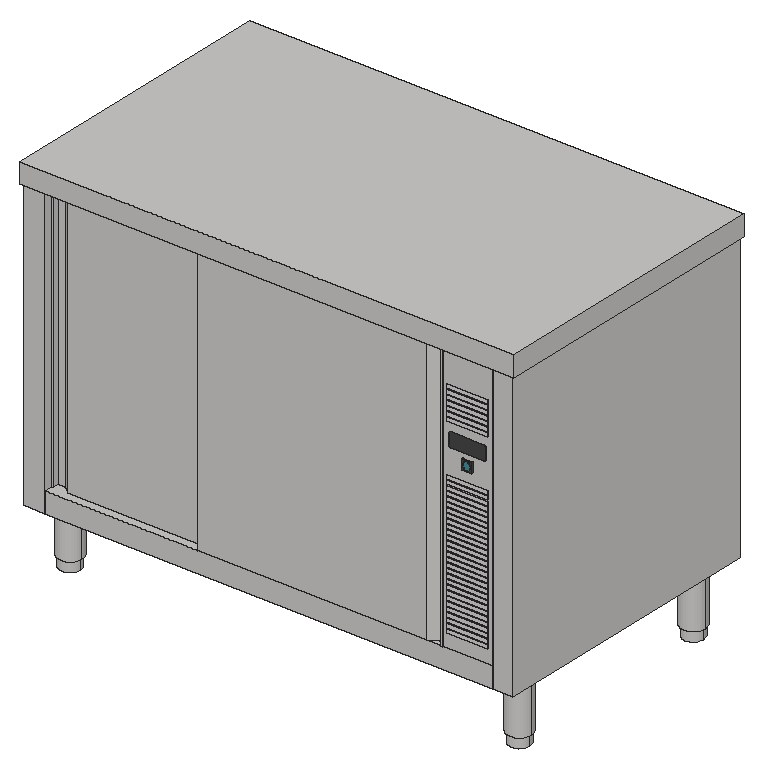
Revit family "QF_ZANUSSI_132796_MTCD1200PN", category Attrezzature speciali, Revit 2020
Family settings
  Quota connettore circolare = Usa diametro
  Tipo di parte = Normale
  Basato su piano di lavoro = No
  Sempre verticale = Sì
  Taglio con vuoti quando caricato = No
  Condiviso = No
  Punto di calcolo locali = No
Parameters (values of type "Standard")
  Weight = 55.00 kg
  Watts = 2400 W
  Volts = 220 V
  URL Manufacturer = "http://www.zanussiprofessional.com"
  URL = "http://www.zanussiprofessional.com"
  Steam Supply Size = 0 mm
  Steam Supply Minimum Pressure = 0.0 Pa
  Steam Supply Maximum Pressure = 0.0 Pa
  Steam Consumption per Hour = 0
  Refrigeration Suction Line Size = 0.0 mm
  Refrigeration Liquid Line Size = 0.0 mm
  Refrigerant Compressor Remote = yes
  Prospetto di default = 0.0 mm
  Produttore = "Zanussi"
  Phase = 1
  Modello = "MTCD1200PN"
  Length Actual = 1200.0 mm  # constant formula
  Item Number = "132796"
  Hot Water Size = 0 mm
  Height Actual = 900.0 mm  # constant formula
  HP = "3.2 HP"
  Gas Size = 0 mm
  Gas KW = 0
  Gas Input Pressure = 0 W
  Direct Waste Size = 0 mm
  Descrizione = "HOT PASST.CUPB.VENT+SHELF+SLIDING D.1200"
  Depth Actual = 700.0 mm  # constant formula
  Cycle = 50 Hz
  Condensate Return Size = 0 mm
  Compressed Air Volume = 0.0 L/s
  Compressed Air Size = 0 mm
  Compressed Air Pressure = 0.0 Pa
  Cold Water Size = 0 mm
  Accessory = yes
Reference planes
  plane 1 "Center (Front/Back)": y = 0
  plane 2: z = 0
  plane 3 "Center (Left/Right)": x = -100
  plane 4 "LEFT": x = -700
  plane 5 "RIGHT": x = 500
  plane 6 "BACK": y = 350
  plane 7 "FRONT": y = -350
  plane 8 "Base": z = 850
  plane 9 "TOP": z = 900
  plane 10: x = -646.5
  plane 11: x = 446.5
  plane 12: y = 264.5
  plane 13: y = -264.5
  plane 14 "BodyLeft": x = -694.5
  plane 15 "BodyFront": y = -344.5
  plane 16 "BodyRight": x = 494.5
  plane 17 "BodyBack": y = 344.5
  plane 18 "FEET": z = 150
  plane 19: x = 324.5
  plane 20: x = -161
  plane 21: x = 444.5
  plane 22: x = 400
  plane 23: y = -170
Forms (mm)
  Extrusion 1, solid, material "QF_Finishes_Stainless Steel"
    sketch origin (-100, 0, 0) x (0, 1, 0) y (0, 0, 1)
      loop
        line (-350, 850) -> (350, 850) -> (350, 900) -> (-350, 900) -> (-350, 850)
    from 600 to -600
  Extrusion 2, solid, material "QF_Finishes_Stainless Steel"
    sketch origin (0, 0, 150) x (-1, 0, 0) y (0, -1, 0)
      loop
        line (694.5, -344.5) -> (694.5, 344.5) -> (644.5, 344.5) -> (644.5, -344.5) -> (694.5, -344.5)
      loop
        line (-444.5, -344.5) -> (-444.5, 344.5) -> (-494.5, 344.5) -> (-494.5, -344.5) -> (-444.5, -344.5)
    from 0 to 700
  Extrusion 3, solid, material "QF_Finishes_Stainless Steel"
    sketch origin (0, 0, 150) x (-1, 0, 0) y (0, -1, 0)
      loop
        line (644.5, -344.5) -> (644.5, 344.5) -> (-444.5, 344.5) -> (-444.5, -344.5) -> (644.5, -344.5)
    from 0 to 50
  Extrusion 4, solid, material "QF_Finishes_Stainless Steel"
    sketch origin (-1, 0, 150) x (-1, 0, 0) y (0, -1, 0)
      loop
        line (-325.5, 344.5) -> (-325.5, 324.5) -> (270.5, 324.5) -> (270.5, 344.5) -> (-285.5, 344.5) -> (-305.5, 329.5) -> (-320.5, 329.5) -> (-320.5, 344.5) -> (-325.5, 344.5)
    from 50 to 700
  Extrusion 5, solid, material "QF_Finishes_Stainless Steel"
    sketch origin (1, 20, 150) x (1, 0, 0) y (0, 1, 0)
      loop
        line (-645.5, -344.5) -> (-640.5, -344.5) -> (-640.5, -329.5) -> (-625.5, -329.5) -> (-605.5, -344.5) -> (-51.5, -344.5) -> (-51.5, -324.5) -> (-645.5, -324.5) -> (-645.5, -344.5)
    from 50 to 700
  Extrusion 6, solid, material "QF_Finishes_Stainless Steel"
    sketch origin (0, 0, 0) x (1, 0, 0) y (0, 1, 0)
      loop
        line (-644.5, -304.5) -> (324.5, -304.5) -> (324.5, 304.5) -> (-644.5, 304.5) -> (-644.5, -304.5)
    from 500 to 540
  Extrusion 7, solid, material "QF_Finishes_Stainless Steel"
    sketch origin (-1, 0, 150) x (-1, 0, 0) y (0, -1, 0)
      loop
        line (-325.5, -344.5) -> (-320.5, -344.5) -> (-320.5, -329.5) -> (-305.5, -329.5) -> (-285.5, -344.5) -> (270.5, -344.5) -> (270.5, -324.5) -> (-325.5, -324.5) -> (-325.5, -344.5)
    from 50 to 700
  Extrusion 8, solid, material "QF_Finishes_Stainless Steel"
    sketch origin (1, -20, 150) x (1, 0, 0) y (0, 1, 0)
      loop
        line (-645.5, 344.5) -> (-645.5, 324.5) -> (-51.5, 324.5) -> (-51.5, 344.5) -> (-605.5, 344.5) -> (-625.5, 329.5) -> (-640.5, 329.5) -> (-640.5, 344.5) -> (-645.5, 344.5)
    from 50 to 700
  Extrusion 9, solid, material "QF_Finishes_Stainless Steel"
    sketch origin (0, 0, 0) x (1, 0, 0) y (0, 1, 0)
      loop
        line (444.5, 344.5) -> (324.5, 344.5) -> (324.5, 324.5) -> (444.5, 324.5) -> (444.5, 344.5)
    from 200 to 850
  Extrusion 10, solid, material "QF_Finishes_Stainless Steel"
    sketch origin (0, 0, 150) x (-1, 0, 0) y (0, -1, 0)
      loop
        circle (-400, 170) r 10
    from 0 to -5
Cuts and joins
  joined: Extrusion 3, Extrusion 9
Lines and regions (mm)
  symbolic lines
    curve 1: line (500, 350, 900) -> (-700, 350, 900)
    curve 2: line (-700, 350, 900) -> (-700, -350, 900)
    curve 3: line (-700, -350, 900) -> (500, -350, 900)
    curve 4: line (500, -350, 900) -> (500, 350, 900)
    curve 5: line (-700, 337, 900) -> (500, 337, 900)
  symbolic lines, style "SpecialityEquipmentHiddenLines"
    curve 6: line (-694.5, 344.5, 150) -> (494.5, 344.5, 150)
    curve 7: line (-694.5, -344.5, 150) -> (-694.5, 344.5, 150)
    curve 8: line (494.5, -344.5, 150) -> (-694.5, -344.5, 150)
    curve 9: line (494.5, 344.5, 150) -> (494.5, -344.5, 150)
    curve 10: line (-645.5, -304.5, 150) -> (-49.5, -304.5, 150)
    curve 11: line (-49.5, -304.5, 150) -> (-49.5, -324.5, 150)
    curve 12: line (-645.5, -324.5, 150) -> (444.5, -324.5, 150)
    curve 13: line (444.5, -324.5, 150) -> (444.5, -344.5, 150)
    curve 14: line (-645.5, -304.5, 150) -> (-645.5, -324.5, 150)
    curve 15: line (-271.5, -344.5, 0) -> (-271.5, -324.5, 0)
    curve 16: line (-645.5, 304.5, 150) -> (-49.5, 304.5, 150)
    curve 17: line (-645.5, 324.5, 150) -> (444.5, 324.5, 150)
    curve 18: line (-271.5, 344.5, 0) -> (-271.5, 324.5, 0)
    curve 19: line (-50.5, 304.5, 0) -> (-50.5, 324.5, 0)
Dimensions and locks
  plane 4 "LEFT" to plane 5 "RIGHT" = 1200.0 mm
  equal spacing: plane 4 "LEFT", plane 3 "Center (Left/Right)", plane 5 "RIGHT"
  locked: plane 8 "Base" to level at 850
  locked: plane 9 "TOP" to level at 900
  plane 6 "BACK" to plane 7 "FRONT" = 700.0 mm
  equal spacing: plane 6 "BACK", plane 1 "Center (Front/Back)", plane 7 "FRONT"
  locked: plane 4 "LEFT" to plane 14 "BodyLeft" at 5.5
  locked: plane 16 "BodyRight" to plane 5 "RIGHT" at 5.5
  locked: plane 15 "BodyFront" to plane 7 "FRONT" at 5.5
  locked: plane 6 "BACK" to plane 17 "BodyBack" at 5.5
  locked: plane 14 "BodyLeft" to plane 10 at 48
  locked: plane 11 to plane 16 "BodyRight" at 48
  locked: plane 13 to plane 15 "BodyFront" at 80
  locked: plane 17 "BodyBack" to plane 12 at 80
  plane 10 to plane 11 = 1093.0 mm
  plane 12 to plane 13 = 529.0 mm
  locked: plane 14 "BodyLeft" to Extrusion 2 sketch curve at 50
  locked: Extrusion 2 sketch curve to Extrusion 2 sketch curve at 50
  equal spacing: plane 10, plane 20, plane 19
  locked: plane 21 to plane 16 "BodyRight" at 50
  locked: plane 19 to plane 21 at 120
  locked: Extrusion 4 sketch curve to plane 20 at 110.5
  locked: plane 20 to Extrusion 5 sketch curve at 110.5
  locked: plane 18 "FEET" to level at 150
  locked: plane 22 to plane 5 "RIGHT" at 100
  locked: plane 23 to plane 7 "FRONT" at 180
  aligned and locked: level to plane 2
  aligned and locked: plane 10 to nested 1
  aligned and locked: nested 1 to plane 13
  aligned and locked: plane 11 to nested 2
  aligned and locked: nested 2 to plane 13
  aligned and locked: plane 11 to nested 4
  aligned and locked: nested 4 to plane 12
  aligned and locked: plane 10 to nested 3
  aligned and locked: nested 3 to plane 12
  aligned and locked: Extrusion 1 to plane 4 "LEFT"
  aligned and locked: plane 5 "RIGHT" to Extrusion 1
  aligned and locked: curve 2 to plane 4 "LEFT"
  aligned and locked: plane 17 "BodyBack" to Extrusion 2 sketch curve
  aligned and locked: Extrusion 2 sketch curve to plane 15 "BodyFront"
  aligned and locked: Extrusion 2 sketch curve to plane 14 "BodyLeft"
  aligned and locked: plane 16 "BodyRight" to Extrusion 2 sketch curve
  aligned and locked: Extrusion 2 sketch curve to plane 17 "BodyBack"
  aligned and locked: plane 15 "BodyFront" to Extrusion 2 sketch curve
  aligned and locked: Extrusion 3 sketch curve to plane 17 "BodyBack"
  aligned and locked: plane 15 "BodyFront" to Extrusion 3 sketch curve
  aligned and locked: plane 8 "Base" to Extrusion 2
  aligned and locked: plane 8 "Base" to Extrusion 4
  aligned and locked: Extrusion 4 to Extrusion 3
  aligned and locked: Extrusion 1 to plane 8 "Base"
  aligned and locked: plane 9 "TOP" to Extrusion 1
  aligned and locked: curve 6 to plane 17 "BodyBack"
  aligned and locked: plane 14 "BodyLeft" to curve 7
  aligned and locked: plane 15 "BodyFront" to curve 8
  aligned and locked: plane 16 "BodyRight" to curve 9
  aligned and locked: Extrusion 3 to Extrusion 2  (x2)
  aligned and locked: Extrusion 6 sketch curve to Extrusion 2
  aligned and locked: Extrusion 6 sketch curve to Extrusion 5
  aligned and locked: curve 19 to Extrusion 8
  aligned and locked: curve 18 to Extrusion 7
  aligned and locked: nested 5 to plane 21
  aligned and locked: Extrusion 6 sketch curve to plane 19
Automatic sketch dimensions
  Extrusion 7 sketch curve to plane 19 = 0.0 mm
  Extrusion 7 sketch curve to plane 17 "BodyBack" = 0.0 mm  (x2)
  Extrusion 7 sketch curve to Extrusion 7 sketch curve = 5.0 mm
  Extrusion 7 sketch curve to Extrusion 7 sketch curve = 15.0 mm
  Extrusion 7 sketch curve to Extrusion 7 sketch curve = 20.0 mm
  plane 17 "BodyBack" to Extrusion 7 sketch curve = 20.0 mm
  plane 20 to Extrusion 7 sketch curve = 110.5 mm
  plane 17 "BodyBack" to Extrusion 7 sketch curve = 15.0 mm
  curve 15 to plane 15 "BodyFront" = 0.0 mm
  plane 15 "BodyFront" to curve 15 = 20.0 mm
  curve 15 to plane 20 = 110.5 mm
  curve 3 to plane 7 "FRONT" = 0.0 mm
  curve 5 to plane 5 "RIGHT" = 0.0 mm
  curve 4 to plane 6 "BACK" = 0.0 mm
  curve 5 to plane 17 "BodyBack" = 7.5 mm
  Extrusion 1 sketch curve to plane 7 "FRONT" = 0.0 mm
  Extrusion 1 sketch curve to plane 6 "BACK" = 0.0 mm
  Extrusion 1 sketch curve to plane 8 "Base" = 0.0 mm
  Extrusion 1 sketch curve to plane 9 "TOP" = 0.0 mm
  Extrusion 3 sketch curve to plane 21 = 0.0 mm
  plane 10 to Extrusion 3 sketch curve = 2.0 mm
  Extrusion 4 sketch curve to plane 19 = 0.0 mm
  Extrusion 4 sketch curve to plane 15 "BodyFront" = 0.0 mm  (x2)
  Extrusion 4 sketch curve to Extrusion 4 sketch curve = 5.0 mm
  Extrusion 4 sketch curve to Extrusion 4 sketch curve = 15.0 mm  (x2)
  Extrusion 4 sketch curve to Extrusion 4 sketch curve = 20.0 mm  (x2)
  Extrusion 5 sketch curve to plane 15 "BodyFront" = 20.0 mm  (x2)
  Extrusion 5 sketch curve to plane 10 = 42.0 mm
  Extrusion 5 sketch curve to plane 10 = 22.0 mm
  Extrusion 5 sketch curve to plane 10 = 7.0 mm
  Extrusion 5 sketch curve to plane 10 = 2.0 mm
  Extrusion 5 sketch curve to Extrusion 5 sketch curve = 15.0 mm
  Extrusion 5 sketch curve to Extrusion 5 sketch curve = 20.0 mm
  curve 13 to plane 21 = 0.0 mm
  curve 17 to plane 21 = 0.0 mm
  curve 8 to plane 15 "BodyFront" = 0.0 mm
  plane 3 "Center (Left/Right)" to curve 10 = 50.5 mm
  plane 10 to curve 12 = 1.0 mm
  plane 15 "BodyFront" to curve 10 = 40.0 mm
  curve 12 to curve 13 = 20.0 mm
  plane 3 "Center (Left/Right)" to curve 16 = 50.5 mm
  plane 10 to curve 17 = 1.0 mm
  plane 10 to curve 16 = 1.0 mm
  curve 17 to plane 17 "BodyBack" = 20.0 mm
  plane 12 to curve 16 = 40.0 mm
  plane 12 to Extrusion 6 sketch curve = 40.0 mm
  plane 10 to Extrusion 8 sketch curve = 2.0 mm
  Extrusion 8 sketch curve to Extrusion 8 sketch curve = 5.0 mm
  Extrusion 8 sketch curve to Extrusion 8 sketch curve = 15.0 mm  (x2)
  Extrusion 8 sketch curve to plane 17 "BodyBack" = 20.0 mm  (x2)
  Extrusion 8 sketch curve to Extrusion 8 sketch curve = 20.0 mm  (x2)
  plane 3 "Center (Left/Right)" to Extrusion 8 sketch curve = 49.5 mm
  curve 18 to plane 17 "BodyBack" = 0.0 mm
  curve 18 to plane 17 "BodyBack" = 20.0 mm
  plane 12 to curve 19 = 40.0 mm
  curve 19 to curve 19 = 20.0 mm
  Extrusion 9 sketch curve to plane 17 "BodyBack" = 0.0 mm
  Extrusion 9 sketch curve to plane 19 = 0.0 mm
  Extrusion 9 sketch curve to plane 21 = 0.0 mm
  Extrusion 9 sketch curve to plane 17 "BodyBack" = 20.0 mm
  Extrusion 10 sketch curve to plane 22 = 0.0 mm
  Extrusion 10 sketch curve to plane 23 = 0.0 mm
  radius of Extrusion 10 sketch curve = 10.0 mm
Nested families
  nested 1: "FEET_D58-150" at (-646.5, -264.5, 0), type "FEET_D58-150"
  nested 2: "FEET_D58-150" at (446.5, -264.5, 0), type "FEET_D58-150"
  nested 3: "FEET_D58-150" at (-646.5, 264.5, 0), type "FEET_D58-150"
  nested 4: "FEET_D58-150" at (446.5, 264.5, 0), type "FEET_D58-150"
  nested 5: "WT_PNL120x650" at (531.42, -304.5, 600) x (1, 0, 0) z (0, -1, 0), type "WT_PNL120x650"
    with Show Logo yes
Connectors
  electrical at (400, -170, 145)
    settings: on Extrusion 10, index 1, voltage 0 V, apparent load 0 VA, apparent load phase1 0 VA, apparent load phase2 0 VA, apparent load phase3 0 VA, power factor 1, load classification "Other", number of poles 1, system type 30, power factor state 1, is connector primary yes, connector utility no, sub classification motor no, connector description "Electrical connection"
Definition of nested family "FEET_D58-150"
  Parameters
    Default Elevation = 0.0 mm
    FEET = 150.0 mm
  Reference planes
    plane 1 "Center (Front/Back)": y = 0
    plane 2: z = 0
    plane 3 "Center (Left/Right)": x = 0
    plane 4: z = 150
  Forms (mm)
    Extrusion 1, solid
      sketch origin (0, 0, 0) x (1, 0, 0) y (0, 1, 0)
        loop
          circle (0, 0) r 25
      from 0 to 25
    Extrusion 2, solid
      sketch origin (0, 0, 0) x (1, 0, 0) y (0, 1, 0)
        loop
          circle (0.061, 0) r 29
      from 25 to 150 <- "FEET"
  Lines and regions (mm)
    symbolic lines
      curve 1: line (0, -1.503, 0) -> (0, 1.508, 0)
      curve 2: line (1.561, 0, 0) -> (-1.439, 0, 0)
  Dimensions and locks
    "FEET": plane 4 to plane 2
    aligned and locked: level to plane 2
  Automatic sketch dimensions
    plane 1 "Center (Front/Back)" to Extrusion 1 sketch curve = 0.0 mm
    Extrusion 1 sketch curve to plane 3 "Center (Left/Right)" = 0.0 mm
    plane 1 "Center (Front/Back)" to curve 2 = 0.0 mm
    curve 1 to plane 3 "Center (Left/Right)" = 0.0 mm
    curve 2 to plane 3 "Center (Left/Right)" = 1.439 mm
    plane 3 "Center (Left/Right)" to curve 2 = 1.561 mm
    plane 1 "Center (Front/Back)" to curve 1 = 1.503 mm
    curve 1 to plane 1 "Center (Front/Back)" = 1.508 mm
    plane 1 "Center (Front/Back)" to Extrusion 2 sketch curve = 0.0 mm
    plane 3 "Center (Left/Right)" to Extrusion 2 sketch curve = 0.061 mm
    radius of Extrusion 1 sketch curve = 25.0 mm
    radius of Extrusion 2 sketch curve = 29.0 mm
Definition of nested family "WT_PNL120x650"
  Parameters
    Show Logo [instance] = yes
    Default Elevation = 1219.2 mm
  Reference planes
    plane 1 "Center (Front/Back)": y = -75
    plane 2: z = 0
    plane 3 "Center (Left/Right)": x = -146.92
    plane 4: x = -206.92
    plane 5: x = -86.92
    plane 6: y = 250
    plane 7: y = -400
    plane 8 "TOP": z = 40
  Forms (mm)
    Extrusion 1, solid
      sketch origin (0, 0, 0) x (1, 0, 0) y (0, 1, 0)
        loop
          line (-1219.2, 1219.2) -> (-1219.2, -1219.2) -> (1219.2, -1219.2) -> (1219.2, 1219.2) -> (-1219.2, 1219.2)
      from 0 to -304.8
    Extrusion 2, solid
      sketch origin (0, 0, 0) x (1, 0, 0) y (0, 1, 0)
        loop
          line (-206.92, 250) -> (-206.92, -400) -> (-86.92, -400) -> (-86.92, 250) -> (-206.92, 250)
      from 0 to 40
    Extrusion 3, void
      sketch origin (0, 0, 40) x (-1, 0, 0) y (0, -1, 0)
        loop
          arc (101.92, -68.899) -> (103.795, -73.256) -> (108.247, -74.89) r 6
          line (108.247, -74.89) -> (185.92, -74.89)
          arc (185.92, -74.89) -> (190.163, -73.133) -> (191.92, -68.89) r 6
          line (191.92, -68.89) -> (191.92, -45.89)
          arc (191.92, -45.89) -> (190.163, -41.648) -> (185.92, -39.89) r 6
          line (185.92, -39.89) -> (107.92, -39.89)
          arc (107.92, -39.89) -> (103.677, -41.648) -> (101.92, -45.89) r 6
          line (101.92, -45.89) -> (101.92, -68.899)
        loop
          line (158.92, -27.89) -> (158.92, -2.89) -> (134.92, -2.89) -> (134.92, -27.89) -> (158.92, -27.89)
      from -2 to 0
    Extrusion 4, solid
      sketch origin (0, 0, 40) x (-1, 0, 0) y (0, -1, 0)
        loop
          line (185.92, -39.89) -> (107.92, -39.89)
          arc (107.92, -39.89) -> (103.677, -41.648) -> (101.92, -45.89) r 6
          line (101.92, -45.89) -> (101.92, -68.899)
          arc (101.92, -68.899) -> (103.795, -73.256) -> (108.247, -74.89) r 6
          line (108.247, -74.89) -> (185.92, -74.89)
          arc (185.92, -74.89) -> (190.163, -73.133) -> (191.92, -68.89) r 6
          line (191.92, -68.89) -> (191.92, -45.89)
          arc (191.92, -45.89) -> (190.163, -41.648) -> (185.92, -39.89) r 6
      from -2 to 1
    Extrusion 5, solid
      sketch origin (-146.92, 0, 0) x (0, 1, 0) y (0, 0, 1)
        loop
          line (95.896, 40) -> (104.899, 40) -> (95.896, 41.206) -> (95.896, 40)
        loop
          line (107.896, 40) -> (116.899, 40) -> (107.896, 41.206) -> (107.896, 40)
        loop
          line (119.896, 40) -> (128.899, 40) -> (119.896, 41.206) -> (119.896, 40)
        loop
          line (131.896, 40) -> (140.899, 40) -> (131.896, 41.206) -> (131.896, 40)
        loop
          line (143.896, 40) -> (152.899, 40) -> (143.896, 41.206) -> (143.896, 40)
        loop
          line (155.896, 40) -> (164.899, 40) -> (155.896, 41.206) -> (155.896, 40)
        loop
          line (167.896, 40) -> (176.899, 40) -> (167.896, 41.206) -> (167.896, 40)
        loop
          line (-102.104, 40) -> (-93.101, 40) -> (-102.104, 41.206) -> (-102.104, 40)
        loop
          line (-90.104, 40) -> (-81.101, 40) -> (-90.104, 41.206) -> (-90.104, 40)
        loop
          line (-78.104, 40) -> (-69.101, 40) -> (-78.104, 41.206) -> (-78.104, 40)
        loop
          line (-66.104, 40) -> (-57.101, 40) -> (-66.104, 41.206) -> (-66.104, 40)
        loop
          line (-54.104, 40) -> (-45.101, 40) -> (-54.104, 41.206) -> (-54.104, 40)
        loop
          line (-42.104, 40) -> (-33.101, 40) -> (-42.104, 41.206) -> (-42.104, 40)
        loop
          line (-30.104, 40) -> (-21.101, 40) -> (-30.104, 41.206) -> (-30.104, 40)
        loop
          line (-174.104, 40) -> (-165.101, 40) -> (-174.104, 41.206) -> (-174.104, 40)
        loop
          line (-162.104, 40) -> (-153.101, 40) -> (-162.104, 41.206) -> (-162.104, 40)
        loop
          line (-150.104, 40) -> (-141.101, 40) -> (-150.104, 41.206) -> (-150.104, 40)
        loop
          line (-138.104, 40) -> (-129.101, 40) -> (-138.104, 41.206) -> (-138.104, 40)
        loop
          line (-126.104, 40) -> (-117.101, 40) -> (-126.104, 41.206) -> (-126.104, 40)
        loop
          line (-114.104, 40) -> (-105.101, 40) -> (-114.104, 41.206) -> (-114.104, 40)
        loop
          line (-246.104, 40) -> (-237.101, 40) -> (-246.104, 41.206) -> (-246.104, 40)
        loop
          line (-234.104, 40) -> (-225.101, 40) -> (-234.104, 41.206) -> (-234.104, 40)
        loop
          line (-222.104, 40) -> (-213.101, 40) -> (-222.104, 41.206) -> (-222.104, 40)
        loop
          line (-210.104, 40) -> (-201.101, 40) -> (-210.104, 41.206) -> (-210.104, 40)
        loop
          line (-198.104, 40) -> (-189.101, 40) -> (-198.104, 41.206) -> (-198.104, 40)
        loop
          line (-186.104, 40) -> (-177.101, 40) -> (-186.104, 41.206) -> (-186.104, 40)
        loop
          line (-318.104, 40) -> (-309.101, 40) -> (-318.104, 41.206) -> (-318.104, 40)
        loop
          line (-306.104, 40) -> (-297.101, 40) -> (-306.104, 41.206) -> (-306.104, 40)
        loop
          line (-294.104, 40) -> (-285.101, 40) -> (-294.104, 41.206) -> (-294.104, 40)
        loop
          line (-282.104, 40) -> (-273.101, 40) -> (-282.104, 41.206) -> (-282.104, 40)
        loop
          line (-270.104, 40) -> (-261.101, 40) -> (-270.104, 41.206) -> (-270.104, 40)
        loop
          line (-258.104, 40) -> (-249.101, 40) -> (-258.104, 41.206) -> (-258.104, 40)
        loop
          line (-366.104, 40) -> (-357.101, 40) -> (-366.104, 41.206) -> (-366.104, 40)
        loop
          line (-354.104, 40) -> (-345.101, 40) -> (-354.104, 41.206) -> (-354.104, 40)
        loop
          line (-342.104, 40) -> (-333.101, 40) -> (-342.104, 41.206) -> (-342.104, 40)
        loop
          line (-330.104, 40) -> (-321.101, 40) -> (-330.104, 41.206) -> (-330.104, 40)
      from -50 to 50
    Extrusion 6, solid
      sketch origin (0, 0, 40) x (-1, 0, 0) y (0, -1, 0)
        loop
          line (134.92, -27.89) -> (158.92, -27.89) -> (158.92, -2.89) -> (134.92, -2.89) -> (134.92, -27.89)
        loop
          circle (146.92, -15.39) r 9
      from -2 to 3
    Extrusion 7, solid
      sketch origin (0, 0, 40) x (-1, 0, 0) y (0, -1, 0)
        loop
          circle (146.92, -15.39) r 9
      from 0 to 3
  Cuts and joins
    Extrusion 3 cuts Extrusion 2
  Dimensions and locks
    equal spacing: plane 6, plane 1 "Center (Front/Back)", plane 7
    equal spacing: plane 4, plane 3 "Center (Left/Right)", plane 5
    plane 8 "TOP" to level = 40.0 mm
    aligned and locked: plane 2 to Extrusion 1
    aligned and locked: level to Extrusion 1
  Automatic sketch dimensions
    Extrusion 1 sketch curve to Extrusion 1 sketch curve = 2438.4 mm  (x2)
    Extrusion 2 sketch curve to plane 4 = 0.0 mm
    Extrusion 2 sketch curve to plane 5 = 0.0 mm
    Extrusion 2 sketch curve to plane 7 = 0.0 mm
    Extrusion 2 sketch curve to plane 6 = 0.0 mm
    Extrusion 5 sketch curve to plane 8 "TOP" = 0.0 mm  (x36)
    Extrusion 5 sketch curve to Extrusion 5 sketch curve = 9.003 mm  (x35)
    plane 8 "TOP" to Extrusion 5 sketch curve = 1.206 mm  (x22)
    Extrusion 5 sketch curve to Extrusion 5 sketch curve = 2.997 mm  (x33)
    plane 1 "Center (Front/Back)" to Extrusion 5 sketch curve = 6.101 mm
    plane 1 "Center (Front/Back)" to Extrusion 5 sketch curve = 3.104 mm
    Extrusion 5 sketch curve to plane 1 "Center (Front/Back)" = 5.899 mm
    Extrusion 5 sketch curve to Extrusion 5 sketch curve = 116.997 mm
    Extrusion 5 sketch curve to Extrusion 5 sketch curve = 1.206 mm  (x14)
    Extrusion 4 sketch curve to plane 5 = 15.0 mm
    Extrusion 4 sketch curve to Extrusion 4 sketch curve = 6.0 mm  (x3)
    Extrusion 4 sketch curve to Extrusion 4 sketch curve = 0.327 mm
    plane 4 to Extrusion 4 sketch curve = 21.0 mm  (x2)
    Extrusion 4 sketch curve to plane 1 "Center (Front/Back)" = 149.89 mm
    Extrusion 4 sketch curve to Extrusion 4 sketch curve = 23.009 mm
    Extrusion 3 sketch curve to plane 5 = 15.0 mm
    Extrusion 3 sketch curve to Extrusion 3 sketch curve = 6.0 mm  (x3)
    Extrusion 3 sketch curve to Extrusion 3 sketch curve = 0.327 mm
    plane 3 "Center (Left/Right)" to Extrusion 3 sketch curve = 12.0 mm
    Extrusion 3 sketch curve to plane 3 "Center (Left/Right)" = 12.0 mm
    plane 4 to Extrusion 3 sketch curve = 21.0 mm  (x2)
    Extrusion 3 sketch curve to plane 1 "Center (Front/Back)" = 149.89 mm
    Extrusion 3 sketch curve to Extrusion 3 sketch curve = 23.0 mm
    Extrusion 3 sketch curve to Extrusion 3 sketch curve = 12.0 mm
    Extrusion 3 sketch curve to Extrusion 3 sketch curve = 25.0 mm
    Extrusion 6 sketch curve to plane 3 "Center (Left/Right)" = 0.0 mm
    plane 3 "Center (Left/Right)" to Extrusion 6 sketch curve = 12.0 mm
    Extrusion 6 sketch curve to plane 3 "Center (Left/Right)" = 12.0 mm
    Extrusion 6 sketch curve to plane 1 "Center (Front/Back)" = 102.89 mm
    Extrusion 6 sketch curve to Extrusion 6 sketch curve = 12.5 mm  (x2)
    Extrusion 7 sketch curve to plane 3 "Center (Left/Right)" = 0.0 mm
    Extrusion 7 sketch curve to plane 1 "Center (Front/Back)" = 90.39 mm
    radius of Extrusion 6 sketch curve = 9.0 mm
    radius of Extrusion 7 sketch curve = 9.0 mm
